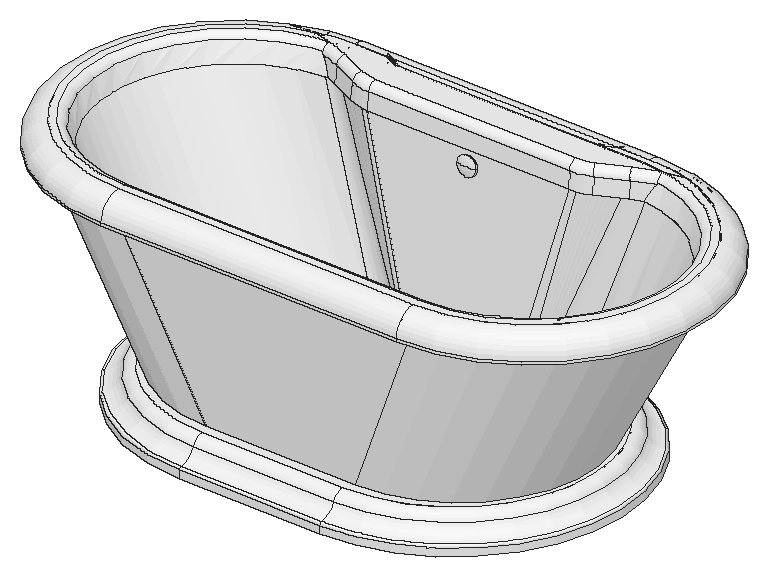
Revit family "Bathtub-Freestanding-DXV-St_George-D62747004_Series", category Plumbing Fixtures, Revit 2014
Parameters (values of type "D62747004.415")
  Width = 66 1/2"
  Waste Connection Radius = 3/4"
  Waste Connection Diameter = Waste Connection Radius * 2  # 1 1/2"
  Waste Connection = yes
  WFU = 4
  Vent Connection = no
  URL = "https://www.dxv.com/"
  Product Page URL = "https://www.dxv.com/product/st-george-freestanding-soaking-tub-with-deck-by-dxv"
  Product Documentation Link = "https://dxv01.blob.core.windows.net/dxv-product-pdf-files/spec_D62747004_DXV_StGeorge_freestand_tub_EN.pdf"
  Price = "Prices may vary. Please consult Manufacturer Representative for most up-to-date price list."  # constant formula
  Model = "D62747004.415"
  Material = "Acrylic-DXV-415-Canvas White"
  Manufacturer = "DXV"
  Length = 35 1/2"
  Installation Type = "Freestanding"
  Height = 23 1/2"
  HWFU = 0
  HW Connection = no
  Description = "St. George Freestanding Soaking Tub With Deck"
  Default Elevation = 0"
  Creation Date = "26/3/2014"  # constant formula
  CWFU = 0
  CW Connection = no
  Body Material = Acrylic-DXV-415-Canvas White
  Assembly Code = "D2010510"
Types (3): name | Model | Material | Body Material
  (no name) | "D62747004.415" | "Acrylic-DXV-415-Canvas White" | Acrylic-DXV-415-Canvas White
  D62747004.415 | "D62747004.415" | "Acrylic-DXV-415-Canvas White" | Acrylic-DXV-415-Canvas White
  D62747004.071 | "D62747004.071" | "Acrylic-DXV-071-Biscuit" | Acrylic-DXV-071-Biscuit
Reference planes (in)
  plane 1 "Center (Front/Back)": y = 0
  plane 2: z = 0
  plane 3 "Center (Left/Right)": x = 0
  plane 4: y = 17.75
  plane 5: y = -17.75
  plane 6: x = -33.25
  plane 7: x = 33.25
  plane 8: x = -28.75
  plane 9: x = 28.75
  plane 10: y = 13.25
  plane 11: y = -13.25
  plane 12: z = 23.5
  plane 13: z = 21
  plane 14: y = 11
  plane 15: y = -12
  plane 16: y = 10
  plane 17: z = 3
  plane 18: x = 15.5
  plane 19: x = -15.5
  plane 20: x = -21.5
  plane 21: x = 21.5
  plane 22: x = -25
  plane 23: x = 25
  plane 24: z = 19.5
  plane 25: y = 8.25
Forms (in)
  Sweep 1, solid, material "Acrylic-DXV-415-Canvas White" <- "Body Material"
    path origin (-141.0185433, 3.2618387, 0) x (1, 0, 0) y (0, 1, 0)
      loop
        arc (133.6435433, 14.3631613) -> (116.0185433, -3.2618387) -> (133.6435433, -20.8868387) r 17.625
        line (133.6435433, -20.8868387) -> (148.3935433, -20.8868387)
        arc (148.3935433, -20.8868387) -> (166.0185433, -3.2618387) -> (148.3935433, 14.3631613) r 17.625
        line (148.3935433, 14.3631613) -> (133.6435433, 14.3631613)
    profile origin (-25, 0, 0) x (1, 0, 0) y (0, 0, 1)
      loop
        line (7.5, 0) -> (7.5, 3) -> (3, 3)
        arc (3, 3) -> (2.2870078, 2.7873925) -> (1.8068984, 2.2190135) r 1.3018352
        arc (1.8068984, 2.2190135) -> (1.1703214, 1.4176235) -> (0.2199449, 1.0378329) r 1.9930184
        arc (0.2199449, 1.0378329) -> (0.0628987, 0.9554566) -> (0, 0.7896461) r 0.25
        line (0, 0.7896461) -> (0, 0) -> (7.5, 0)
  Sweep 2, solid, material "Acrylic-DXV-415-Canvas White" <- "Body Material"
    path origin (0, 0, 0) x (1, 0, 0) y (0, 1, 0)
      loop
        arc (-15.5, 13.5) -> (-29, 0) -> (-15.5, -13.5) r 13.5
        line (-15.5, -13.5) -> (15.5, -13.5)
        arc (15.5, -13.5) -> (29, 0) -> (15.5, 13.5) r 13.5
        line (15.5, 13.5) -> (-15.5, 13.5)
    profile origin (-29, 0, 0) x (1, 0, 0) y (0, 0, 1)
      loop
        line (-4.28125, 21.25) -> (-4.28125, 21) -> (-2.2792525, 21) -> (0.25, 21) -> (-0.449354, 22.9214592)
        arc (-0.449354, 22.9214592) -> (-0.7712683, 23.3409861) -> (-1.2755959, 23.5) r 0.8792683
        line (-1.2755959, 23.5) -> (-2.03125, 23.5)
        arc (-2.03125, 23.5) -> (-3.6222403, 22.8409903) -> (-4.28125, 21.25) r 2.25
  Blend 3, solid, material "Acrylic-DXV-415-Canvas White" <- "Body Material"
    base sketch origin (0, 0, 0) x (1, 0, 0) y (0, 1, 0)
      loop
        arc (7.875, -13.625) -> (21.5, 0) -> (7.875, 13.625) r 13.625
        line (7.875, 13.625) -> (-7.875, 13.625)
        arc (-7.875, 13.625) -> (-21.5, 0) -> (-7.875, -13.625) r 13.625
        line (-7.875, -13.625) -> (7.875, -13.625)
    top sketch origin (0, 0, 0) x (1, 0, 0) y (0, 1, 0)
      loop
        arc (-15.5, 15.75) -> (-31.25, 0) -> (-15.5, -15.75) r 15.75
        line (-15.5, -15.75) -> (15.5, -15.75)
        arc (15.5, -15.75) -> (31.25, 0) -> (15.5, 15.75) r 15.75
        line (15.5, 15.75) -> (-15.5, 15.75)
    from 3 to 21
  Blend 4, void
    base sketch origin (0, 0, 0) x (1, 0, 0) y (0, 1, 0)
      loop
        arc (-10.7372378, 11.6537763) -> (-19.7886377, -1.4412987) -> (-7.875508, -12) r 12
        line (-7.875508, -12) -> (7.875508, -12)
        arc (7.875508, -12) -> (19.7886377, -1.4412987) -> (10.7372378, 11.6537763) r 12
        arc (10.7372378, 11.6537763) -> (9.0887992, 11.6853567) -> (7.5861409, 11.0068544) r 3.75
        line (7.5861409, 11.0068544) -> (6.6508296, 10.3020467)
        arc (6.6508296, 10.3020467) -> (6.224064, 10.0775145) -> (5.748107, 10) r 1.5
        line (5.748107, 10) -> (-5.748107, 10)
        arc (-5.748107, 10) -> (-6.224064, 10.0775145) -> (-6.6508296, 10.3020467) r 1.5
        line (-6.6508296, 10.3020467) -> (-7.5861409, 11.0068544)
        arc (-7.5861409, 11.0068544) -> (-9.0887992, 11.6853567) -> (-10.7372378, 11.6537763) r 3.75
    top sketch origin (0, 0, 0) x (1, 0, 0) y (0, 1, 0)
      loop
        arc (-16.7855969, 13.1874842) -> (-28.7343618, -0.643558) -> (-15.5, -13.25) r 13.25
        line (-15.5, -13.25) -> (15.5, -13.25)
        arc (15.5, -13.25) -> (28.7343618, -0.643558) -> (16.7855969, 13.1874842) r 13.25
        arc (16.7855969, 13.1874842) -> (15.763652, 13.1469803) -> (14.7906583, 12.8318686) r 3.75
        line (14.7906583, 12.8318686) -> (11.3074453, 11.1493235)
        arc (11.3074453, 11.1493235) -> (10.9896621, 11.0378073) -> (10.6550091, 11) r 1.5
        line (10.6550091, 11) -> (-10.6550091, 11)
        arc (-10.6550091, 11) -> (-10.9896621, 11.0378073) -> (-11.3074453, 11.1493235) r 1.5
        line (-11.3074453, 11.1493235) -> (-14.7906583, 12.8318686)
        arc (-14.7906583, 12.8318686) -> (-15.763652, 13.1469803) -> (-16.7855969, 13.1874842) r 3.75
    from 3 to 21
  Extrusion 5, solid, material "Acrylic-DXV-415-Canvas White" <- "Body Material"
    sketch origin (0, 0, 0) x (1, 0, 0) y (0, 1, 0)
      loop
        arc (-7.375, 10.125) -> (-17.5, 0) -> (-7.375, -10.125) r 10.125
        line (-7.375, -10.125) -> (7.375, -10.125)
        arc (7.375, -10.125) -> (17.5, 0) -> (7.375, 10.125) r 10.125
        line (7.375, 10.125) -> (-7.375, 10.125)
    from 0 to 3
  Extrusion 6, void
    sketch origin (0, 0, 0) x (1, 0, 0) y (0, 1, 0)
      loop
        circle (0, 8.25) r 0.75
    from 0 to 12
  Sweep 7, solid, material "Acrylic-DXV-415-Canvas White" <- "Body Material"
    path origin (0, -0.0625, 0) x (1, 0, 0) y (0, 1, 0)
      loop
        line (-25.7035527, 15.0163738) -> (-19.2779358, 14.0358394)
        arc (-19.2779358, 14.0358394) -> (-17.2800435, 13.5763716) -> (-15.3726702, 12.8249653) r 13.75
        line (-15.3726702, 12.8249653) -> (-12.6239434, 11.4975356)
        arc (-12.6239434, 11.4975356) -> (-11.5648649, 11.1259708) -> (-10.4495896, 11) r 5
        line (-10.4495896, 11) -> (10.5974463, 11)
        arc (10.5974463, 11) -> (11.7127217, 11.1259708) -> (12.7718002, 11.4975356) r 5
        line (12.7718002, 11.4975356) -> (15.5205269, 12.8249653)
        arc (15.5205269, 12.8249653) -> (17.4279002, 13.5763716) -> (19.4257926, 14.0358394) r 13.75
        line (19.4257926, 14.0358394) -> (25.8514095, 15.0163738)
    profile origin (0.0739284, 10.9375, 0) x (0, 1, 0) y (0, 0, 1)
      loop
        line (4.5, 21) -> (4.5, 22.8754686)
        arc (4.5, 22.8754686) -> (4.317079, 23.317079) -> (3.8754686, 23.5) r 0.6245314
        line (3.8754686, 23.5) -> (0.9944104, 23.5)
        arc (0.9944104, 23.5) -> (0.3949977, 23.2638851) -> (0.1176451, 22.6824032) r 0.8789063
        line (0.1176451, 22.6824032) -> (0, 21) -> (4.5, 21)
  Revolve 8, solid, material "Acrylic-DXV-415-Canvas White" <- "Body Material"
    sketch origin (7.2471698, -20.4758132, 21.3040383) x (1, 0, 0) y (0, 0.998394, -0.05666)
      loop
        line (-7.2471698, 31.5737018) -> (-8.2471698, 31.5737018) -> (-8.2471698, 31.3394631)
        arc (-8.2471698, 31.3394631) -> (-7.753905, 31.216223) -> (-7.2471698, 31.1747757) r 3.1183988
        line (-7.2471698, 31.1747757) -> (-7.2471698, 31.5737018)
      axis (-7.2471698, 31.5737018) -> (-7.2471698, 31.1747757)
    angle from 0 to 360
  Sweep 9, void
    path origin (0, 0, 0) x (1, 0, 0) y (0, 1, 0)
      loop
        arc (27.7145144, 12.8789805) -> (22.0749752, 16.4873346) -> (15.5, 17.75) r 17.75
        line (15.5, 17.75) -> (-15.5, 17.75)
        arc (-15.5, 17.75) -> (-22.0749752, 16.4873346) -> (-27.7145144, 12.8789805) r 17.75
    profile origin (0, 17.75, 0) x (0, -1, 0) y (0, 0, 1)
      loop
        arc (0.1875, 21.25) -> (0.7811433, 22.7761394) -> (2.25, 23.5) r 2.2585227
        line (2.25, 23.5) -> (2.25, 24.0943003) -> (-4.3829541, 24.0943003) -> (-4.3829541, 19.5) -> (2.0019975, 19.5) -> (2.0019975, 21) -> (0.1875, 21) -> (0.1875, 21.25)
Cuts and joins
  Blend 4, Extrusion 6 cuts Sweep 1
  Extrusion 6 cuts Extrusion 5
  joined: Sweep 1, Extrusion 5
  Blend 4, Extrusion 6 cuts Blend 3
  joined: Sweep 2, Blend 3
  Sweep 9 cuts Sweep 7
Lines and regions (in)
  Masking region 1
    outline origin (0, 0, 0) x (1, 0, 0) y (0, 1, 0)
      loop
        arc (-15.5, 17.75) -> (-33.25, 0) -> (-15.5, -17.75) r 17.75
        line (-15.5, -17.75) -> (15.5, -17.75)
        arc (15.5, -17.75) -> (33.25, 0) -> (15.5, 17.75) r 17.75
        line (15.5, 17.75) -> (-15.5, 17.75)
  symbolic lines, style "PlumbingFixtures", detail levels medium+fine
    curve 1: arc (-16.3849216, 13.2204166, 0) -> (-28.7426021, -0.442708, 0) -> (-15.5, -13.25, 0) r 13.25
    curve 2: line (15.5, -13.25, 0) -> (-15.5, -13.25, 0)
    curve 3: arc (15.5, -13.25, 0) -> (28.7426021, -0.442708, 0) -> (16.3849216, 13.2204166, 0) r 13.25
    curve 7: arc (-11.7251587, 11.3657463, 0) -> (-10.8643128, 11.0983321, 0) -> (-9.9682677, 11, 0) r 4.7048811
    curve 8: line (-9.9682677, 11, 0) -> (9.9682677, 11, 0)
    curve 9: arc (11.7251587, 11.3657463, 0) -> (10.8643128, 11.0983321, 0) -> (9.9682677, 11, 0) r 4.7048811
    curve 10: arc (11.7251587, 11.3657463, 0) -> (12.0246485, 11.4971541, 0) -> (12.3196838, 11.6382792, 0) r 10.0060944
    curve 11: line (12.3196838, 11.6382792, 0) -> (14.8718842, 12.8711044, 0)
    curve 12: arc (14.8718842, 12.8711044, 0) -> (15.6102406, 13.1244299, 0) -> (16.3849216, 13.2204166, 0) r 3.7735538
    curve 13: arc (-11.7251587, 11.3657463, 0) -> (-12.0246485, 11.4971541, 0) -> (-12.3196838, 11.6382792, 0) r 10.0060944
    curve 14: line (-12.3196838, 11.6382792, 0) -> (-14.8718842, 12.8711044, 0)
    curve 15: arc (-14.8718842, 12.8711044, 0) -> (-15.6102406, 13.1244299, 0) -> (-16.3849216, 13.2204166, 0) r 3.7735538
    curve 16: circle (0, 8.25, 0) r 0.75 normal (0, 0, 1)
  symbolic lines, style "PlumbingFixtures", detail levels fine
    curve 4: arc (-11.7251587, 11.3657463, 0) -> (-19.7158829, -1.9507747, 0) -> (-7.875508, -12, 0) r 12
    curve 5: line (-7.875508, -12, 0) -> (7.875508, -12, 0)
    curve 6: arc (7.875508, -12, 0) -> (19.7158829, -1.9507747, 0) -> (11.7251587, 11.3657463, 0) r 12
Dimensions and locks (in)
  plane 4 to plane 5 = 35 1/2"
  plane 6 to plane 7 = 66 1/2"
  plane 3 "Center (Left/Right)" to plane 7 = 33 1/4"
  plane 4 to plane 14 = 6 3/4"
  plane 14 to plane 11 = 24 1/4"
  plane 15 to plane 16 = 22"
  plane 16 to plane 4 = 7 3/4"
  plane 13 to level = 21"
  plane 12 to level = 23 1/2"
  plane 21 to plane 20 = 43"
  plane 23 to plane 22 = 50"
  plane 17 to level = 3"
Connectors (in)
  piping at (0, 8.25, 0), diameter 1.5, driven by "Waste Connection Radius", driven by "WFU"
    settings: on cut or joined group of Sweep 1, Blend 4, Extrusion 5, Extrusion 6, index 1, connector inside diameter 1 1/2", connector length 0", flow factor 0, pipe flow 0 GPM, pressure drop 0.00 psi, fitting loss kfactor 0, connector angle 0.00°, fixture units 4, engagement length 0", angle of deflection 0.00°, flow configuration 3, flow direction 2, fitting loss method 0, system type 16, joint type 0, gender type 0, connector reference index -1, connector utility 0, adjustable connector no, is connector primary yes, connector description "1-1/2\" Drain Outlet"
